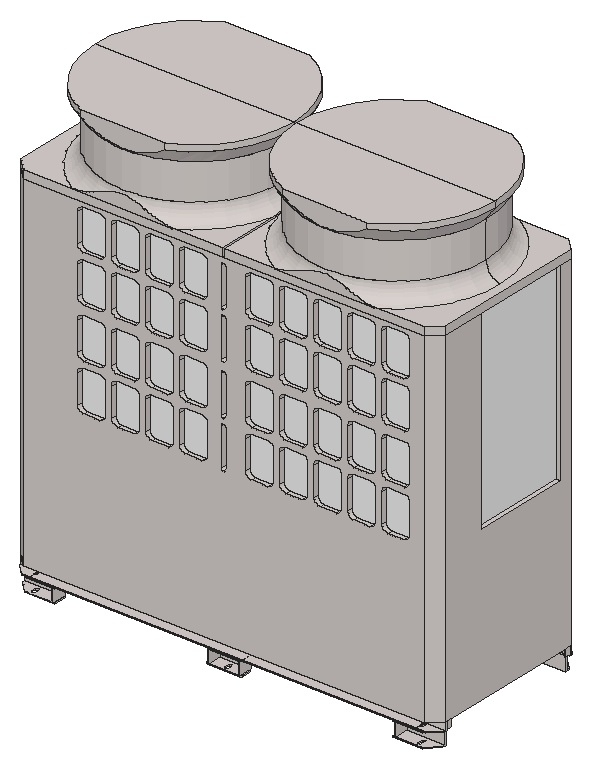
Revit family "PURY-EP550YNW-A1", category 機械設備, Revit 2016 (continued)
Dimensions and locks
  cut or joined group 1 (Extrusion 1, Extrusion 2, Extrusion 3, Extrusion 4, Extrusion 5, Extrusion 6, Extrusion 7, Extrusion 8, Extrusion 9, Extrusion 10, Extrusion 11, Extrusion 12, Extrusion 13, Extrusion 14, Extrusion 15, Extrusion 16, Extrusion 17, Extrusion 18, Extrusion 19, Extrusion 20, Extrusion 21, Extrusion 22, Extrusion 23, Extrusion 24, Extrusion 25, Extrusion 26, Extrusion 27, Extrusion 28, Extrusion 29, Extrusion 30, Extrusion 31, Extrusion 32, Extrusion 33, Extrusion 34, Extrusion 35, Extrusion 36, Extrusion 37, Extrusion 38, Extrusion 39, Extrusion 40, Extrusion 41, Extrusion 42, Extrusion 43, Extrusion 44, Extrusion 45, Extrusion 46, Extrusion 47) to cut or joined group 1 = 50.000 mm
  Extrusion 22 sketch curve to Extrusion 22 sketch curve = 116.800 mm
  Extrusion 22 sketch curve to Extrusion 22 sketch curve = 170.800 mm
  Extrusion 23 sketch curve to Extrusion 23 sketch curve = 116.800 mm
  Extrusion 23 sketch curve to Extrusion 23 sketch curve = 170.800 mm
  Extrusion 24 sketch curve to Extrusion 24 sketch curve = 116.800 mm
  Extrusion 24 sketch curve to Extrusion 24 sketch curve = 170.800 mm
  Extrusion 25 sketch curve to Extrusion 25 sketch curve = 116.800 mm
  Extrusion 25 sketch curve to Extrusion 25 sketch curve = 170.800 mm
  Extrusion 26 sketch curve to Extrusion 26 sketch curve = 116.800 mm
  Extrusion 26 sketch curve to Extrusion 26 sketch curve = 170.800 mm
  Extrusion 27 sketch curve to Extrusion 27 sketch curve = 116.800 mm
  Extrusion 27 sketch curve to Extrusion 27 sketch curve = 170.800 mm
  Extrusion 28 sketch curve to Extrusion 28 sketch curve = 116.800 mm
  Extrusion 28 sketch curve to Extrusion 28 sketch curve = 170.800 mm
  Extrusion 29 sketch curve to Extrusion 29 sketch curve = 116.800 mm
  Extrusion 29 sketch curve to Extrusion 29 sketch curve = 170.800 mm
  Extrusion 30 sketch curve to Extrusion 30 sketch curve = 116.800 mm
  Extrusion 30 sketch curve to Extrusion 30 sketch curve = 170.800 mm
  Extrusion 31 sketch curve to Extrusion 31 sketch curve = 116.800 mm
  Extrusion 31 sketch curve to Extrusion 31 sketch curve = 170.800 mm
  Extrusion 32 sketch curve to Extrusion 32 sketch curve = 116.800 mm
  Extrusion 32 sketch curve to Extrusion 32 sketch curve = 170.800 mm
  Extrusion 33 sketch curve to Extrusion 33 sketch curve = 116.800 mm
  Extrusion 33 sketch curve to Extrusion 33 sketch curve = 170.800 mm
  Extrusion 34 sketch curve to Extrusion 34 sketch curve = 116.800 mm
  Extrusion 34 sketch curve to Extrusion 34 sketch curve = 170.800 mm
  Extrusion 35 sketch curve to Extrusion 35 sketch curve = 116.800 mm
  Extrusion 35 sketch curve to Extrusion 35 sketch curve = 170.800 mm
  Extrusion 36 sketch curve to Extrusion 36 sketch curve = 116.800 mm
  Extrusion 36 sketch curve to Extrusion 36 sketch curve = 170.800 mm
  Extrusion 37 sketch curve to Extrusion 37 sketch curve = 116.800 mm
  Extrusion 37 sketch curve to Extrusion 37 sketch curve = 170.800 mm
  nested 2 to level = 1858.000 mm
  cut or joined group 1 to nested 5 to nested 3 to nested 7 to cut or joined group 1 = 80.000 mm, 795.000 mm, 795.000 mm, 80.000 mm
  cut or joined group 1 to cut or joined group 1 = 740.000 mm
  cut or joined group 1 to curve 7 to curve 5 = 653.000 mm, 150.000 mm
  cut or joined group 1 to curve 4 to curve 6 = 79.000 mm, 94.000 mm
  curve 35 to cut or joined group 1 = 172.000 mm
  curve 34 to cut or joined group 1 = 152.000 mm
  curve 36 to cut or joined group 1 = 216.000 mm
  cut or joined group 1 to curve 35 = 110.000 mm
  cut or joined group 1 to curve 36 = 166.000 mm
  cut or joined group 1 to curve 34 = 185.000 mm
  cut or joined group 1 to curve 16 to curve 18 = 650.000 mm, 148.000 mm
  cut or joined group 1 to curve 24 = 132.000 mm
  cut or joined group 1 to curve 27 = 207.000 mm
  cut or joined group 1 to curve 25 = 256.000 mm
  curve 25 to nested 3 = 90.000 mm
  curve 27 to nested 3 = 125.000 mm
  curve 24 to nested 3 = 110.000 mm
  nested 1 to nested 1 = 740.000 mm
  nested 6 to nested 6 to nested 5 to nested 5 = 60.000 mm, 620.000 mm, 60.000 mm
  nested 3 to nested 3 = 20.000 mm
  nested 3 to plane 6 "front" = 54.000 mm
  nested 4 to nested 3 = 592.000 mm
  nested 4 to nested 4 = 20.000 mm
  plane 5 to nested 4 = 54.000 mm
  Extrusion 46 sketch curve to nested 3 = 116.000 mm
  Extrusion 47 sketch curve to nested 3 = 127.000 mm
  cut or joined group 1 to cut or joined group 1 = 185.000 mm
  cut or joined group 1 to nested 5 = 116.000 mm
  cut or joined group 1 to nested 5 = 127.000 mm
  cut or joined group 1 to plane 11 = 685.000 mm
  cut or joined group 1 to plane 12 = 768.000 mm
  aligned and locked: level to plane 2
  aligned and locked: plane 4 "panel_L" to Extrusion 1
  aligned and locked: Extrusion 1 to plane 5
  aligned and locked: plane 6 "front" to Extrusion 1
  aligned and locked: Extrusion 1 to plane 4 "panel_L"
  aligned and locked: nested 3 to curve 31
Nested families
  nested 1: "FAN GUARD" at (-415, 0, 860), type "FAN GUARD"
    with WIDTH 870.000 mm
  nested 2: "FAN GUARD" at (415, 0, 860) x (-1, 0, 0) z (0, 0, 1), type "FAN GUARD"
    with WIDTH 870.000 mm
  nested 3: "BASE LEG" at (0, -352, 60), type "BASE LEG"
    with Width 1750.000 mm
  nested 4: "BASE LEG" at (0, 352, 60), type "BASE LEG"
    with Width 1750.000 mm
  nested 5: "ATTACHMENT LEG" at (-789, -352, 0), type "ATTACHMENT LEG"
  nested 6: "ATTACHMENT LEG" at (-789, 352, 0), type "ATTACHMENT LEG"
  nested 7: "ATTACHMENT LEG" at (789, -352, 0) x (-1, 0, 0) z (0, 0, 1), type "ATTACHMENT LEG"
  nested 8: "ATTACHMENT LEG" at (789, 352, 0) x (-1, 0, 0) z (0, 0, 1), type "ATTACHMENT LEG"
  nested 9: "ATTACHMENT LEG_XL" at (0, 352, 0) x (-1, 0, 0) z (0, 0, 1), type "ATTACHMENT LEG_XL"
  nested 10: "ATTACHMENT LEG_XL" at (0, -352, 0), type "ATTACHMENT LEG_XL"
Connectors
  electrical at (-233.5, -370, 279), driven by "Phase", driven by "Voltage"
    settings: index 1, voltage 415 V, apparent load 0 VA, apparent load phase1 0 VA, apparent load phase2 0 VA, apparent load phase3 0 VA, power factor 1, load classification "HVAC", number of poles 3, system type 30, power factor state 1, is connector primary yes, connector utility no, sub classification motor no, connector description ""
  piping at (-107, -185, 187), diameter 28.58, driven by "Low pressure pipe_radius"
    settings: on cut or joined group 1, index 2, connector inside diameter 28.58 mm, connector length 0.000 mm, flow factor 0, pipe flow 0.0 L/s, pressure drop 0.0 Pa, fitting loss kfactor 0, connector angle 0.00°, fixture units 0, engagement length 0.000 mm, angle of deflection 0.00°, flow configuration 0, flow direction 0, fitting loss method 0, system type 22, joint type 0, gender type 0, connector reference index -1, connector utility 0, adjustable connector no, is connector primary yes, connector description "Refrigerant service valve <Low pressure>"
  piping at (-190, -185, 176), diameter 22.2, driven by "High pressure pipe_radius"
    settings: on cut or joined group 1, index 3, connector inside diameter 22.2 mm, connector length 0.000 mm, flow factor 0, pipe flow 0.0 L/s, pressure drop 0.0 Pa, fitting loss kfactor 0, connector angle 0.00°, fixture units 0, engagement length 0.000 mm, angle of deflection 0.00°, flow configuration 0, flow direction 0, fitting loss method 0, system type 22, joint type 0, gender type 0, connector reference index -1, connector utility 0, adjustable connector no, is connector primary no, connector description "Refrigerant service valve <High pressure>"
Definition of nested family "FAN GUARD"
  Parameters
    WIDTH [instance] = 870.000 mm
  Reference planes
    plane 1 "中心(正面/背面)": y = 0
    plane 2: z = 0
    plane 3 "中心(左/右)": x = 0
    plane 4 "ファンガード基準面": z = 661
    plane 5: y = 370
    plane 6: y = -370
    plane 7: x = 410
    plane 8: x = -460
    plane 9 "ファンガード基準上面": z = 695
    plane 10 "ファンガード上面": z = 998
    plane 11: x = 410
    plane 12: x = -460
  Forms (mm)
    Extrusion 1, solid
      sketch origin (0, 0, 661) x (-1, 0, 0) y (0, -1, 0)
        loop
          line (410, -370) -> (460, -320) -> (460, 320) -> (410, 370) -> (-410, 370) -> (-410, -370) -> (410, -370)
      from 0 to 34
    Revolve 2, solid
      sketch origin (0, 0, 0) x (1, 0, 0) y (0, 0, 1)
        loop
          line (0, 695) -> (0, 998) -> (-408.829, 998) -> (-408.829, 972.327) -> (-368.829, 915.201) -> (-368.829, 765.141)
          arc (-368.829, 765.141) -> (-384.109, 720.678) -> (-423.494, 695) r 72.332
          line (-423.494, 695) -> (0, 695)
        axis (0, 998) -> (0, 695)
      angle from 0 to 360
    Extrusion 3, void
      sketch origin (0, 0, 695) x (-1, 0, 0) y (0, -1, 0)
        loop
          line (345, -370) -> (-345, -370) -> (-345, -545) -> (345, -545) -> (345, -370)
        loop
          line (345, 370) -> (345, 539.592) -> (-345, 539.592) -> (-345, 370) -> (345, 370)
      from 0 to 400
    Extrusion 4, void
      sketch origin (0, 0, 695) x (-1, 0, 0) y (0, -1, 0)
        loop
          line (-410, -160) -> (-410, 160) -> (-450, 160) -> (-450, -160) -> (-410, -160)
      from 0 to 250
  Cuts and joins
    Extrusion 3, Extrusion 4 cuts Revolve 2
  Lines and regions (mm)
    model lines
      curve 1: line (-408.829, 0, 998) -> (-80, 0, 998)
      curve 2: line (80, 0, 998) -> (408.829, 0, 998)
      curve 3: circle (0, 0, 998) r 80 normal (0, 0, 1)
      curve 4: line (-400, -80, 998) -> (400.925, -80, 998)
      curve 5: line (-376.219, -160, 998) -> (376.219, -160, 998)
      curve 6: line (-330.97, -240, 998) -> (330.97, -240, 998)
      curve 7: line (-254.442, -320, 998) -> (254.442, -320, 998)
      curve 8: line (-400.925, 80, 998) -> (400.925, 80, 998)
      curve 9: line (-376.219, 160, 998) -> (376.219, 160, 998)
      curve 10: line (-330.97, 240, 998) -> (330.97, 240, 998)
      curve 11: line (-254.442, 320, 998) -> (254.442, 320, 998)
      curve 12: line (0, 370, 998) -> (0, -370, 998)
      curve 13: line (-20, 370, 998) -> (-20, -370, 998)
      curve 14: line (-40, 370, 998) -> (-40, -370, 998)
      curve 15: line (-60, 370, 998) -> (-60, -370, 998)
      curve 16: line (-80, 370, 998) -> (-80, -370, 998)
      curve 17: line (20, 370, 998) -> (20, -370, 998)
      curve 18: line (40, 370, 998) -> (40, -370, 998)
      curve 19: line (60, 370, 998) -> (60, -370, 998)
      curve 20: line (80, 370, 998) -> (80, -370, 998)
      curve 21: line (100, 370, 998) -> (100, -370, 998)
      curve 22: line (120, 370, 998) -> (120, -370, 998)
      curve 23: line (140, 370, 998) -> (140, -370, 998)
      curve 24: line (160, 370, 998) -> (160, -370, 998)
      curve 25: line (180, 367.071, 998) -> (180, -367.071, 998)
      curve 26: line (200, 356.568, 998) -> (200, -356.568, 998)
      curve 27: line (220, 344.588, 998) -> (220, -344.588, 998)
      curve 28: line (240, 330.97, 998) -> (240, -330.97, 998)
      curve 29: line (260, 315.501, 998) -> (260, -315.501, 998)
      curve 30: line (280, 297.894, 998) -> (280, -297.894, 998)
      curve 31: line (300, 277.743, 998) -> (300, -277.743, 998)
      curve 32: line (320, 254.442, 998) -> (320, -254.442, 998)
      curve 33: line (340, 227.026, 998) -> (340, -227.026, 998)
      curve 34: line (360, 193.755, 998) -> (360, -193.755, 998)
      curve 35: line (380, 150.801, 998) -> (380, -150.801, 998)
      curve 36: line (400, 84.504, 998) -> (400, -84.504, 998)
      curve 37: line (-100, 370, 998) -> (-100, -370, 998)
      curve 38: line (-120, 370, 998) -> (-120, -370, 998)
      curve 39: line (-140, 370, 998) -> (-140, -370, 998)
      curve 40: line (-160, 370, 998) -> (-160, -370, 998)
      curve 41: line (-180, 367.071, 998) -> (-180, -367.071, 998)
      curve 42: line (-200, 356.568, 998) -> (-200, -356.568, 998)
      curve 43: line (-220, 344.588, 998) -> (-220, -344.588, 998)
      curve 44: line (-240, 330.97, 998) -> (-240, -330.97, 998)
      curve 45: line (-260, 315.501, 998) -> (-260, -315.501, 998)
      curve 46: line (-280, 297.894, 998) -> (-280, -297.894, 998)
      curve 47: line (-300, 277.743, 998) -> (-300, -277.743, 998)
      curve 48: line (-320, 254.442, 998) -> (-320, -254.442, 998)
      curve 49: line (-340, 227.026, 998) -> (-340, -227.026, 998)
      curve 50: line (-360, 193.755, 998) -> (-360, -193.755, 998)
      curve 51: line (-380, 150.801, 998) -> (-380, -150.801, 998)
      curve 52: line (-400, 84.504, 998) -> (-400, -84.504, 998)
      curve 53: line (10, 79.373, 998) -> (10, -79.373, 998)
      curve 54: line (-10, 79.373, 998) -> (-10, -79.373, 998)
      curve 55: line (30, 74.162, 998) -> (30, -74.162, 998)
      curve 56: line (50, 62.45, 998) -> (50, -62.45, 998)
      curve 57: line (70, 38.73, 998) -> (70, -38.73, 998)
      curve 58: line (-30, 74.162, 998) -> (-30, -74.162, 998)
      curve 59: line (-50, 62.45, 998) -> (-50, -62.45, 998)
      curve 60: line (-70, 38.73, 998) -> (-70, -38.73, 998)
  Dimensions and locks
    "WIDTH": plane 8 to plane 7
    locked: plane 6 to plane 5 at 740
    plane 8 to plane 3 "中心(左/右)" to plane 7 = 460.000 mm, 410.000 mm
    equal spacing: plane 6, plane 1 "中心(正面/背面)", plane 5
    plane 3 "中心(左/右)" to Revolve 2 sketch curve = 408.829 mm
    locked: plane 10 "ファンガード上面" to plane 9 "ファンガード基準上面" at 303
    locked: plane 12 to plane 11 at 870
    locked: plane 3 "中心(左/右)" to plane 11 at 410
    locked: plane 12 to plane 3 "中心(左/右)" at 460
    plane 9 "ファンガード基準上面" to plane 4 "ファンガード基準面" = 34.000 mm
    aligned and locked: level to plane 2
    aligned and locked: plane 5 to Extrusion 1 sketch curve
    aligned and locked: Extrusion 1 sketch curve to plane 6
    aligned and locked: plane 8 to Extrusion 1 sketch curve
    aligned and locked: plane 7 to Extrusion 1 sketch curve
    aligned and locked: plane 9 "ファンガード基準上面" to Extrusion 1
    aligned and locked: plane 4 "ファンガード基準面" to Extrusion 1
    aligned and locked: plane 9 "ファンガード基準上面" to Revolve 2 sketch curve
    aligned and locked: Revolve 2 sketch curve to plane 3 "中心(左/右)"
    aligned and locked: cut or joined group of Revolve 2, Extrusion 3, Extrusion 4 to plane 10 "ファンガード上面"
    aligned and locked: plane 11 to Extrusion 1
    aligned and locked: Extrusion 1 to plane 12
  Automatic sketch dimensions
    plane 8 to Extrusion 1 sketch curve = 50.000 mm  (x2)
    plane 5 to Extrusion 1 sketch curve = 50.000 mm
    Extrusion 1 sketch curve to plane 6 = 50.000 mm
    plane 3 "中心(左/右)" to Extrusion 3 sketch curve = 345.000 mm  (x2)
    Extrusion 3 sketch curve to plane 3 "中心(左/右)" = 345.000 mm  (x2)
    Extrusion 3 sketch curve to Extrusion 3 sketch curve = 175.000 mm
    Extrusion 3 sketch curve to Extrusion 3 sketch curve = 169.592 mm
    plane 1 "中心(正面/背面)" to curve 2 = 0.000 mm
    plane 1 "中心(正面/背面)" to curve 3 = 0.000 mm
    curve 3 to plane 3 "中心(左/右)" = 0.000 mm
    curve 12 to plane 3 "中心(左/右)" = 0.000 mm
    plane 1 "中心(正面/背面)" to curve 1 = 0.000 mm
    plane 3 "中心(左/右)" to curve 53 = 10.000 mm
    curve 17 to curve 12 = 20.000 mm
    curve 55 to curve 53 = 20.000 mm
    curve 18 to curve 17 = 20.000 mm
    curve 56 to curve 55 = 20.000 mm
    curve 19 to curve 18 = 20.000 mm
    curve 57 to curve 56 = 20.000 mm
    curve 20 to curve 19 = 20.000 mm
    curve 2 to curve 57 = 10.000 mm
    curve 21 to curve 20 = 20.000 mm
    curve 22 to curve 21 = 20.000 mm
    curve 23 to curve 22 = 20.000 mm
    curve 24 to curve 23 = 20.000 mm
    curve 25 to curve 24 = 20.000 mm
    curve 26 to curve 25 = 20.000 mm
    curve 27 to curve 26 = 20.000 mm
    curve 28 to curve 27 = 20.000 mm
    curve 29 to curve 28 = 20.000 mm
    curve 29 to curve 11 = 5.558 mm
    curve 29 to curve 7 = 5.558 mm
    curve 30 to curve 7 = 25.558 mm
    curve 31 to curve 30 = 20.000 mm
    curve 32 to curve 31 = 20.000 mm
    curve 33 to curve 32 = 20.000 mm
    curve 33 to curve 6 = 9.030 mm
    curve 33 to curve 10 = 9.030 mm
    curve 34 to curve 10 = 29.030 mm
    curve 35 to curve 34 = 20.000 mm
    curve 35 to curve 9 = 3.781 mm
    curve 35 to curve 5 = 3.781 mm
    curve 36 to curve 9 = 23.781 mm
    curve 8 to curve 36 = 0.925 mm
    curve 4 to curve 36 = 0.925 mm
    curve 54 to plane 3 "中心(左/右)" = 10.000 mm
    curve 13 to plane 3 "中心(左/右)" = 20.000 mm
    curve 54 to curve 58 = 20.000 mm
    curve 13 to curve 14 = 20.000 mm
    curve 58 to curve 59 = 20.000 mm
    curve 14 to curve 15 = 20.000 mm
    curve 59 to curve 60 = 20.000 mm
    curve 15 to curve 16 = 20.000 mm
    curve 16 to curve 37 = 20.000 mm
    curve 37 to curve 38 = 20.000 mm
    curve 38 to curve 39 = 20.000 mm
    curve 39 to curve 40 = 20.000 mm
    curve 40 to curve 41 = 20.000 mm
    curve 41 to curve 42 = 20.000 mm
    curve 42 to curve 43 = 20.000 mm
    curve 43 to curve 44 = 20.000 mm
    curve 44 to curve 45 = 20.000 mm
    curve 7 to curve 45 = 5.558 mm
    curve 11 to curve 45 = 5.558 mm
    curve 7 to curve 46 = 25.558 mm
    curve 46 to curve 47 = 20.000 mm
    curve 47 to curve 48 = 20.000 mm
    curve 48 to curve 49 = 20.000 mm
    curve 6 to curve 49 = 9.030 mm
    curve 10 to curve 49 = 9.030 mm
    curve 10 to curve 50 = 29.030 mm
    curve 50 to curve 51 = 20.000 mm
    curve 9 to curve 51 = 3.781 mm
    curve 5 to curve 51 = 3.781 mm
    curve 5 to curve 52 = 23.781 mm
    curve 52 to curve 8 = 0.925 mm
    curve 8 to plane 1 "中心(正面/背面)" = 80.000 mm
    curve 36 to curve 8 = 4.504 mm
    curve 52 to curve 8 = 4.504 mm
    curve 9 to curve 36 = 75.496 mm
    curve 9 to curve 51 = 9.199 mm
    curve 9 to curve 35 = 9.199 mm
    curve 50 to curve 51 = 42.954 mm
    curve 34 to curve 35 = 42.954 mm
    curve 10 to curve 50 = 46.245 mm
    curve 10 to curve 33 = 12.974 mm
    curve 10 to curve 49 = 12.974 mm
    curve 48 to curve 49 = 27.416 mm
    curve 32 to curve 33 = 27.416 mm
    curve 47 to curve 48 = 23.300 mm
    curve 31 to curve 32 = 23.300 mm
    curve 46 to curve 47 = 20.152 mm
    curve 30 to curve 31 = 20.152 mm
    curve 11 to curve 30 = 22.106 mm
    curve 11 to curve 29 = 4.499 mm
    curve 11 to curve 45 = 4.499 mm
    curve 28 to curve 29 = 15.469 mm
    curve 44 to curve 45 = 15.469 mm
    curve 43 to curve 44 = 13.618 mm
    curve 27 to curve 28 = 13.618 mm
    curve 12 to curve 27 = 25.412 mm
    curve 12 to curve 21 = 0.000 mm
    curve 13 to curve 12 = 0.000 mm
    curve 14 to curve 13 = 0.000 mm  (x2)
    curve 12 to curve 18 = 0.000 mm
    curve 21 to curve 23 = 0.000 mm
    curve 42 to curve 43 = 11.980 mm
    curve 23 to curve 24 = 0.000 mm  (x2)
    curve 41 to curve 42 = 10.502 mm
    curve 24 to curve 25 = 2.929 mm
    curve 40 to curve 41 = 2.929 mm
    curve 25 to curve 26 = 10.502 mm
    curve 40 to curve 39 = 0.000 mm  (x2)
    curve 20 to curve 21 = 0.000 mm  (x2)
    curve 39 to curve 38 = 0.000 mm  (x2)
    curve 15 to curve 14 = 0.000 mm
    curve 38 to curve 37 = 0.000 mm
    curve 37 to curve 16 = 0.000 mm  (x2)
    curve 18 to curve 19 = 0.000 mm  (x2)
    curve 12 to curve 17 = 0.000 mm  (x2)
    curve 21 to curve 22 = 0.000 mm  (x2)
    curve 4 to curve 36 = 4.504 mm
    curve 4 to curve 52 = 4.504 mm
    curve 36 to curve 5 = 75.496 mm
    curve 51 to curve 5 = 9.199 mm
    curve 35 to curve 5 = 9.199 mm
    curve 35 to curve 34 = 42.954 mm
    curve 51 to curve 50 = 42.954 mm
    curve 50 to curve 6 = 46.245 mm
    curve 49 to curve 6 = 12.974 mm
    curve 33 to curve 6 = 12.974 mm
    curve 49 to curve 48 = 27.416 mm
    curve 33 to curve 32 = 27.416 mm
    curve 48 to curve 47 = 23.300 mm
    curve 32 to curve 31 = 23.300 mm
    curve 47 to curve 46 = 20.152 mm
    curve 31 to curve 30 = 20.152 mm
    curve 30 to curve 7 = 22.106 mm
    curve 45 to curve 7 = 4.499 mm
    curve 29 to curve 7 = 4.499 mm
    curve 29 to curve 28 = 15.469 mm
    curve 45 to curve 44 = 15.469 mm
    curve 44 to curve 43 = 13.618 mm
    curve 28 to curve 27 = 13.618 mm
    curve 43 to curve 13 = 25.412 mm
    curve 27 to curve 23 = 25.412 mm
    curve 15 to curve 13 = 0.000 mm
    curve 43 to curve 41 = 22.483 mm
    curve 42 to curve 41 = 10.502 mm
    curve 16 to curve 15 = 0.000 mm
    curve 41 to curve 40 = 2.929 mm
    curve 25 to curve 24 = 2.929 mm
    curve 26 to curve 25 = 10.502 mm
    curve 22 to curve 23 = 0.000 mm
    curve 13 to curve 17 = 0.000 mm
    curve 17 to curve 19 = 0.000 mm
    Revolve 2 sketch curve to plane 10 "ファンガード上面" = 0.000 mm
    Revolve 2 sketch curve to plane 3 "中心(左/右)" = 0.000 mm
    Revolve 2 sketch curve to Revolve 2 sketch curve = 14.665 mm
    Revolve 2 sketch curve to Revolve 2 sketch curve = 17.668 mm
    Revolve 2 sketch curve to plane 10 "ファンガード上面" = 82.799 mm
    Revolve 2 sketch curve to Revolve 2 sketch curve = 40.000 mm
    Revolve 2 sketch curve to level = 1700.815 mm
    Revolve 2 sketch curve to plane 10 "ファンガード上面" = 25.673 mm
    Revolve 2 sketch curve to Revolve 2 sketch curve = 790.769 mm
    curve 4 to curve 1 = 8.829 mm
    curve 2 to curve 4 = 7.904 mm
    plane 1 "中心(正面/背面)" to curve 4 = 80.000 mm
    Extrusion 4 sketch curve to plane 1 "中心(正面/背面)" = 160.000 mm
    plane 3 "中心(左/右)" to Extrusion 4 sketch curve = 450.000 mm
    Extrusion 4 sketch curve to Extrusion 4 sketch curve = 40.000 mm
    plane 1 "中心(正面/背面)" to Extrusion 4 sketch curve = 160.000 mm
    Extrusion 3 sketch curve to plane 1 "中心(正面/背面)" = 545.000 mm
    plane 1 "中心(正面/背面)" to Extrusion 3 sketch curve = 370.000 mm
Definition of nested family "BASE LEG"
  Parameters
    Width [instance] = 920.000 mm
  Reference planes
    plane 1 "中心(正面/背面)": y = 0
    plane 2: z = 0
    plane 3 "中心(左/右)": x = 0
    plane 4: x = 460
    plane 5: x = -460
    plane 6: x = -380
    plane 7: x = 380
    plane 8: y = -18
    plane 9: y = 39
    plane 10: z = 53
    plane 11: y = 42
    plane 12: y = 27
    plane 13: x = 415
    plane 14: x = -415
    plane 15: z = 8
    plane 16: y = 11.5
    plane 17: z = 35
  Forms (mm)
    Extrusion 1, solid
      sketch origin (0, 0, 0) x (0, 1, 0) y (0, 0, 1)
        loop
          line (-18, 0) -> (36, 0) -> (36, 32) -> (56, 32) -> (56, 35) -> (33, 35) -> (33, 3) -> (-18, 3) -> (-18, 0)
      from -460 to 460
    Extrusion 2, void
      sketch origin (0, 0, 0) x (1, 0, 0) y (0, 1, 0)
        loop
          line (415, -18) -> (460, -18) -> (460, 27) -> (415, -18)
        loop
          line (-415, -18) -> (-460, 27) -> (-460, -18) -> (-415, -18)
      from 0 to 250
    Extrusion 3, void
      sketch origin (0, 12.023, 0) x (1, 0, 0) y (0, 1, 0)
        loop
          arc (373, -2.971) -> (380, -9.971) -> (387, -2.971) r 7
          line (387, -2.971) -> (387, 3.023)
          arc (387, 3.023) -> (380, 10.023) -> (373, 3.023) r 7
          line (373, 3.023) -> (373, -2.971)
        loop
          line (-373, -2.971) -> (-373, 3.023)
          arc (-373, 3.023) -> (-380, 10.023) -> (-387, 3.023) r 7
          line (-387, 3.023) -> (-387, -2.971)
          arc (-387, -2.971) -> (-380, -9.971) -> (-373, -2.971) r 7
      from 0 to 250
    Extrusion 4, solid
      sketch origin (0, 0, -3) x (1, 0, 0) y (0, 0, 1)
        loop
          line (457, 8) -> (460, 8) -> (460, 35) -> (457, 35) -> (457, 8)
        loop
          line (-457, 8) -> (-457, 35) -> (-460, 35) -> (-460, 8) -> (-457, 8)
      from -36 to -56
    Extrusion 5, solid
      sketch origin (150, 352, 0) x (1, 0, 0) y (0, 1, 0)
        loop
          line (310, -319) -> (305, -319) -> (305, -320) -> (255, -370) -> (260, -370) -> (310, -320) -> (310, -319)
      from 3 to 35
    Extrusion 6, void
      sketch origin (410, -18, 0) x (0.707107, 0.707107, 0) y (0, 0, 1)
        loop
          line (70.711, 3) -> (-6.741, 39.767) -> (-6.741, 3) -> (70.711, 3)
      from -190.256 to 23.776
    Extrusion 7, solid
      sketch origin (-150, 352, 0) x (-1, 0, 0) y (0, -1, 0)
        loop
          line (310, 319) -> (310, 320) -> (260, 370) -> (255, 370) -> (305, 320) -> (305, 319) -> (310, 319)
      from 3 to 35
    Extrusion 8, void
      sketch origin (-410, -18, 0) x (0.707107, -0.707107, 0) y (0, 0, -1)
        loop
          line (-70.711, -3) -> (0, -35) -> (6.741, -35) -> (6.741, -3) -> (-70.711, -3)
      from -190.256 to 23.776
  Cuts and joins
    Extrusion 2, Extrusion 3 cuts Extrusion 1
    joined: Extrusion 1, Extrusion 4
    Extrusion 8 cuts Extrusion 7
    Extrusion 6 cuts Extrusion 5
  Dimensions and locks
    "Width": plane 5 to plane 4
    equal spacing: plane 5, plane 3 "中心(左/右)", plane 4
    locked: plane 5 to plane 6 at 80
    locked: plane 7 to plane 4 at 80
    locked: plane 8 to plane 9 at 57
    locked: plane 10 to level at 53
    locked: plane 9 to plane 11 at 3
    plane 8 to plane 12 = 45.000 mm
    locked: plane 13 to plane 4 at 45
    locked: plane 5 to plane 14 at 45
    equal spacing: Extrusion 3 sketch curve, plane 7, Extrusion 3 sketch curve
    equal spacing: Extrusion 3 sketch curve, plane 6, Extrusion 3 sketch curve
    locked: plane 10 to plane 15 at 45
    locked: cut or joined group of Extrusion 1, Extrusion 2, Extrusion 3, Extrusion 4 to Extrusion 4 sketch curve at 3  (x2)
    locked: plane 8 to plane 16 at 29.5
    plane 8 to plane 11 = 60.000 mm
    cut or joined group of Extrusion 1, Extrusion 2, Extrusion 3, Extrusion 4 to cut or joined group of Extrusion 1, Extrusion 2, Extrusion 3, Extrusion 4 = 35.000 mm
    aligned and locked: level to plane 2
    aligned and locked: plane 8 to Extrusion 1 sketch curve
    aligned and locked: plane 4 to Extrusion 1
    aligned and locked: Extrusion 1 to plane 5
    aligned and locked: Extrusion 2 sketch curve to plane 4
    aligned and locked: Extrusion 2 sketch curve to plane 8
    aligned and locked: plane 12 to Extrusion 2 sketch curve
    aligned and locked: plane 13 to Extrusion 2 sketch curve
    aligned and locked: plane 4 to Extrusion 4 sketch curve
    aligned and locked: plane 5 to Extrusion 4 sketch curve
    aligned and locked: cut or joined group of Extrusion 7, Extrusion 8 to cut or joined group of Extrusion 1, Extrusion 2, Extrusion 3, Extrusion 4
  Automatic sketch dimensions
    Extrusion 3 sketch curve to plane 1 "中心(正面/背面)" = 9.052 mm  (x2)
    Extrusion 3 sketch curve to plane 7 = 7.000 mm
    Extrusion 3 sketch curve to plane 1 "中心(正面/背面)" = 15.046 mm  (x2)
    Extrusion 3 sketch curve to plane 6 = 7.000 mm
    Extrusion 2 sketch curve to plane 5 = 0.000 mm
    plane 8 to Extrusion 2 sketch curve = 0.000 mm
    Extrusion 2 sketch curve to plane 14 = 0.000 mm
    plane 12 to Extrusion 2 sketch curve = 0.000 mm
    Extrusion 4 sketch curve to plane 10 = 21.000 mm
    plane 7 to Extrusion 5 sketch curve = 25.000 mm
    Extrusion 5 sketch curve to Extrusion 5 sketch curve = 5.000 mm  (x2)
    plane 7 to Extrusion 5 sketch curve = 75.000 mm
    plane 8 to Extrusion 5 sketch curve = 0.000 mm
    Extrusion 5 sketch curve to Extrusion 5 sketch curve = 50.000 mm
    Extrusion 5 sketch curve to Extrusion 5 sketch curve = 0.000 mm
    Extrusion 5 sketch curve to Extrusion 5 sketch curve = 1.000 mm
    Extrusion 6 sketch curve to Extrusion 5 = 0.000 mm  (x2)
    Extrusion 6 sketch curve to Extrusion 5 = 6.741 mm
    Extrusion 6 sketch curve to Extrusion 5 = 4.767 mm
    plane 6 to Extrusion 7 sketch curve = 25.000 mm
    Extrusion 7 sketch curve to Extrusion 7 sketch curve = 5.000 mm  (x2)
    Extrusion 7 sketch curve to Extrusion 7 sketch curve = 45.000 mm
    Extrusion 7 sketch curve to plane 8 = 0.000 mm
    Extrusion 7 sketch curve to Extrusion 7 sketch curve = 50.000 mm
    Extrusion 7 sketch curve to Extrusion 7 sketch curve = 0.000 mm
    Extrusion 7 sketch curve to Extrusion 7 sketch curve = 1.000 mm
    Extrusion 8 sketch curve to Extrusion 7 = 0.000 mm  (x2)
    Extrusion 7 to Extrusion 8 sketch curve = 0.000 mm  (x2)
    Extrusion 7 to Extrusion 8 sketch curve = 6.741 mm
    Extrusion 4 sketch curve to plane 17 = 3.000 mm
    Extrusion 4 sketch curve to plane 15 = 3.000 mm  (x2)
    Extrusion 1 sketch curve to plane 17 = 0.000 mm
    Extrusion 1 sketch curve to level = 0.000 mm
    level to Extrusion 1 sketch curve = 3.000 mm
    plane 9 to Extrusion 1 sketch curve = 6.000 mm
    plane 9 to Extrusion 1 sketch curve = 3.000 mm
    Extrusion 1 sketch curve to plane 17 = 3.000 mm
    Extrusion 1 sketch curve to plane 11 = 14.000 mm
Definition of nested family "ATTACHMENT LEG"
  Parameters
    Width = 145.000 mm
  Reference planes
    plane 1: z = 0
    plane 2 "中心(左/右)": x = -6
    plane 3: x = -52
    plane 4: x = 85
    plane 5: x = 93
    plane 6: y = -18
    plane 7: y = 27
    plane 8: x = -30
    plane 9: y = 42
    plane 10: z = 60
    plane 11: z = 57
    plane 12: z = 3
    plane 13: x = 82
    plane 14: y = 39
    plane 15: x = -75
    plane 16: y = 32
    plane 17 "幅": x = 93
    plane 18: y = 5.5
    plane 19: y = 21
    plane 20: y = -10
  Forms (mm)
    Extrusion 1, solid
      sketch origin (0, 0, 0) x (1, 0, 0) y (0, 1, 0)
        loop
          line (-75, 42) -> (-75, 27) -> (-30, -18) -> (93, -18) -> (93, 32) -> (85, 32) -> (85, 42) -> (-75, 42)
      from 0 to 60
    Extrusion 2, void
      sketch origin (0, 0, 0) x (1, 0, 0) y (0, 0, 1)
        loop
          line (-75, 57) -> (-75, 3) -> (82, 3) -> (82, 57) -> (-75, 57)
        loop
          line (93, 57) -> (85, 57) -> (85, 3) -> (93, 3) -> (93, 57)
      from -39 to 18
    Extrusion 3, void
      sketch origin (-6, 5.5, 0) x (1, 0, 0) y (0, 1, 0)
        loop
          arc (-7, -8.5) -> (0, -15.5) -> (7, -8.5) r 7
          line (7, -8.5) -> (7, 8.5)
          arc (7, 8.5) -> (0, 15.5) -> (-7, 8.5) r 7
          line (-7, 8.5) -> (-7, -8.5)
      from 0 to 60
  Cuts and joins
    Extrusion 2, Extrusion 3 cuts Extrusion 1
  Dimensions and locks
    locked: plane 3 to plane 4 at 137
    locked: plane 3 to plane 5 at 145
    plane 6 to plane 7 = 45.000 mm
    locked: plane 6 to plane 9 at 60
    locked: plane 10 to level at 60
    Extrusion 3 sketch curve to plane 2 "中心(左/右)" = 7.000 mm
    locked: plane 15 to plane 2 "中心(左/右)" at 69
    locked: plane 15 to plane 8 at 45
    locked: plane 6 to plane 18 at 23.5
    cut or joined group of Extrusion 1, Extrusion 2, Extrusion 3 to cut or joined group of Extrusion 1, Extrusion 2, Extrusion 3 = 168.000 mm
    aligned and locked: level to plane 1
    aligned and locked: plane 9 to Extrusion 1 sketch curve
    aligned and locked: Extrusion 1 sketch curve to plane 4
    aligned and locked: Extrusion 1 sketch curve to plane 5
    aligned and locked: Extrusion 1 sketch curve to plane 6
    aligned: plane 8 to Extrusion 1 sketch curve
    aligned and locked: plane 10 to Extrusion 1
    aligned and locked: Extrusion 2 sketch curve to plane 11
    aligned: plane 3 to Extrusion 2 sketch curve
    aligned and locked: plane 12 to Extrusion 2 sketch curve
    aligned and locked: Extrusion 2 sketch curve to plane 13
    aligned and locked: plane 6 to Extrusion 2
    aligned and locked: Extrusion 2 to plane 14
    aligned and locked: plane 11 to Extrusion 2 sketch curve
    aligned and locked: plane 5 to Extrusion 2 sketch curve
    aligned and locked: Extrusion 2 sketch curve to plane 12
    aligned and locked: Extrusion 2 sketch curve to plane 4
    aligned and locked: plane 15 to Extrusion 1 sketch curve
    aligned and locked: plane 8 to Extrusion 1 sketch curve
    aligned and locked: Extrusion 2 sketch curve to cut or joined group of Extrusion 1, Extrusion 2, Extrusion 3
    aligned and locked: Extrusion 1 to plane 16
Definition of nested family "ATTACHMENT LEG_XL"
  Parameters
    Width = 145.000 mm
  Reference planes
    plane 1: z = 0
    plane 2 "中心(左/右)": x = 0
    plane 3: x = -72.5
    plane 4: x = 72.5
    plane 5: y = -18
    plane 6: y = 42
    plane 7: z = 60
    plane 8: z = 57
    plane 9: z = 3
    plane 10: y = 5.5
  Forms (mm)
    Extrusion 1, solid
      sketch origin (0, 0, 0) x (1, 0, 0) y (0, 1, 0)
        loop
          line (-72.5, 42) -> (-72.5, -18) -> (72.5, -18) -> (72.5, 42) -> (-72.5, 42)
      from 0 to 60
    Extrusion 2, void
      sketch origin (67.561, -18, 0) x (1, 0, 0) y (0, 0, -1)
        loop
          line (-140.061, -57) -> (-132.061, -57) -> (-132.061, -3) -> (-140.061, -3) -> (-140.061, -57)
        loop
          line (4.939, -57) -> (4.939, -3) -> (-3.061, -3) -> (-3.061, -57) -> (4.939, -57)
      from 0 to 60
    Extrusion 3, void
      sketch origin (67.561, -18, 0) x (1, 0, 0) y (0, 0, -1)
        loop
          line (-129.061, -3) -> (-129.061, -57) -> (-6.061, -57) -> (-6.061, -3) -> (-129.061, -3)
      from 0 to 57
    Extrusion 4, void
      sketch origin (0, 0, 0) x (1, 0, 0) y (0, 1, 0)
        loop
          line (-7, 14) -> (-7, -3.029)
          arc (-7, -3.029) -> (0, -10.029) -> (7, -3.029) r 7
          line (7, -3.029) -> (7, 14)
          arc (7, 14) -> (0, 21) -> (-7, 14) r 7
      from 0 to 3
    Extrusion 5, void
      sketch origin (0, 0, 60) x (0, 1, 0) y (1, 0, 0)
        loop
          line (32, 67.5) -> (32, 64.5) -> (42, 64.5) -> (42, 72.5) -> (27, 72.5) -> (32, 67.5)
        loop
          line (-13, 72.5) -> (-18, 72.5) -> (-18, 67.5) -> (-13, 72.5)
        loop
          line (32, -67.5) -> (27, -72.5) -> (42, -72.5) -> (42, -64.5) -> (32, -64.5) -> (32, -67.5)
        loop
          line (-13, -72.5) -> (-18, -67.5) -> (-18, -72.5) -> (-13, -72.5)
      from 0 to 60
  Cuts and joins
    Extrusion 2, Extrusion 3, Extrusion 4, Extrusion 5 cuts Extrusion 1
  Dimensions and locks
    locked: plane 3 to plane 4 at 145
    locked: plane 5 to plane 6 at 60
    locked: plane 7 to level at 60
    aligned and locked: level to plane 1
    aligned and locked: plane 7 to Extrusion 1
Types (6, lengths in mm): name | Voltage | ReplacementYear | InstallationDate | Hertz | Heating Rated Load Ampacity (A) | Heating Current Input (Nominal) (A) | Heating Current Input (A) | Cooling Rated Load Ampacity (A) | Cooling Current Input (A) | Category | Barcode | AssetIdentifier
  PURY-EP550YNW-A1_380V_50Hz | 380 V | "" | "" | 50 Hz | 33.2 | 27.9 | 33.2 | 37.1 | 37.1 | "" | "" | ""
  PURY-EP550YNW-A1_380V_60Hz | 380 V | "0" | "0" | 60 Hz | 33.2 | 27.9 | 33.2 | 37.1 | 37.1 | "0" | "0" | "0"
  PURY-EP550YNW-A1_400V_50Hz | 400 V | "0" | "0" | 50 Hz | 31.6 | 26.5 | 31.6 | 35.2 | 35.2 | "0" | "0" | "0"
  PURY-EP550YNW-A1_400V_60Hz | 400 V | "0" | "0" | 60 Hz | 31.6 | 26.5 | 31.6 | 35.2 | 35.2 | "0" | "0" | "0"
  PURY-EP550YNW-A1_415V_50Hz | 415 V | "0" | "0" | 50 Hz | 30.4 | 25.5 | 30.4 | 34 | 34 | "0" | "0" | "0"
  PURY-EP550YNW-A1_415V_60Hz | 415 V | "0" | "0" | 60 Hz | 30.4 | 25.5 | 30.4 | 34 | 34 | "0" | "0" | "0"
